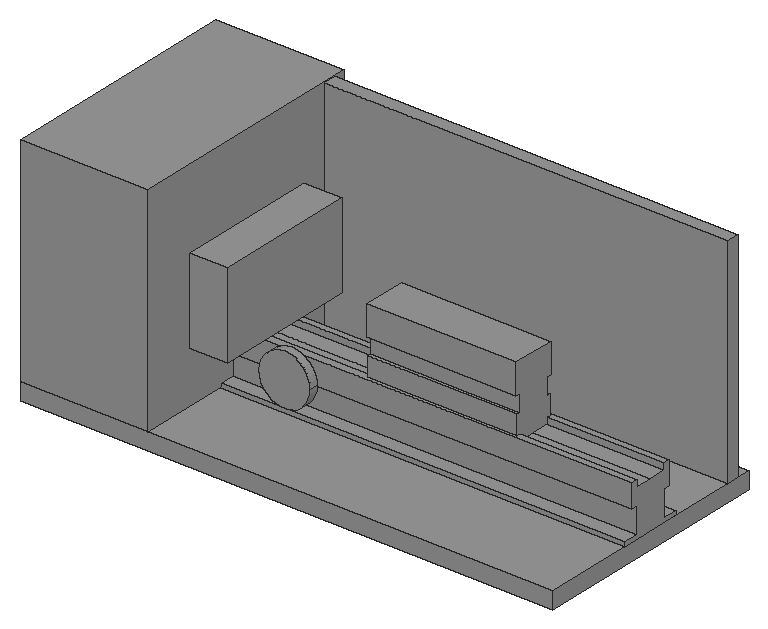
Revit family "АВЛН_Станок токарный", category Мебель, Revit 2019
Family settings
  Номер OmniClass = 23.40.20.00
  Заголовок OmniClass = General Furniture and Specialties
  На основе рабочей плоскости = Нет
  Всегда вертикально = Да
  При загрузке вырезать с полостями = Нет
  Общий = Нет
  Точка расчета площади = Нет
Parameters (values of type "Станок токарный по дереву")
  Описание = "Станок токарный по дереву,\r\n1250х575х550мм; Э3Ф; 380В; 1,7кВт"
  Type Comments = ""
  Keynote = ""
  Manufacturer = ""
  Группа модели = "Оборудование основных помещений школы"
  ADSK_Размер_Ширина = 575 mm
  ADSK_Размер_Длина = 1250 mm
  ADSK_Размер_Высота = 550 mm
  ADSK_Обозначение = "-120М СТД"
  ADSK_Масса = 0
  ADSK_Код изделия = ""
  ADSK_Единица измерения = "шт"  # constant formula
Types (2, lengths in mm): name | ADSK_Размер_Ширина | ADSK_Размер_Длина | ADSK_Размер_Высота
  (no name) | 600 | 500 | 600
  Станок токарный по дереву | 575 | 1250 | 550
Reference planes
  plane 1 "По центру (Вперед/Назад)": y = 0
  plane 2: z = 0
  plane 3 "По центру (Влево/Вправо)": x = 0
  plane 4: z = 550
  plane 5: y = 287.5
  plane 6: x = 625
  plane 7: x = -625
  plane 8: y = -287.5
Forms (mm)
  Extrusion 1, solid, material "Металл, с порошковым покрытием, белый"
    sketch origin (0, -518.993, 592.976) x (-1, 0, 0) y (0, -1, 0)
      loop
        line (625, -806.493) -> (625, -231.493) -> (325, -231.493) -> (325, -806.493) -> (625, -806.493)
    from -552.976 to -42.976
  Extrusion 2, solid, material "Металл, с порошковым покрытием, белый"
    sketch origin (0, -518.993, 592.976) x (-1, 0, 0) y (0, -1, 0)
      loop
        line (325, -776.518) -> (325, -746.476) -> (-625, -746.476) -> (-625, -776.518) -> (325, -776.518)
    from -552.976 to -42.976
  Extrusion 3, solid, material "Металл, с порошковым покрытием, белый"
    sketch origin (0, -518.993, 592.976) x (-1, 0, 0) y (0, -1, 0)
      loop
        line (625, -806.493) -> (625, -231.493) -> (-625, -231.493) -> (-625, -806.493) -> (625, -806.493)
    from -592.976 to -552.976
  Extrusion 4, solid, material "Металл, с порошковым покрытием, белый"
    sketch origin (0, 0, 0) x (0, 1, 0) y (0, 0, 1)
      loop
        line (75, 40) -> (75, 50) -> (40, 50) -> (40, 110) -> (55, 110) -> (55, 165) -> (40, 165) -> (40, 150) -> (0, 150) -> (-40, 150) -> (-40, 165) -> (-55, 165) -> (-55, 110) -> (-40, 110) -> (-40, 50) -> (-75, 50) -> (-75, 40) -> (75, 40)
    from -325 to 625
  Extrusion 5, solid, material "Металл, с порошковым покрытием, белый"
    sketch origin (0, 0, 0) x (0, 1, 0) y (0, 0, 1)
      loop
        line (-40, 150) -> (40, 150) -> (40, 165) -> (47.5, 165) -> (47.5, 210) -> (40, 210) -> (40, 250) -> (50, 250) -> (50, 320) -> (-50, 320) -> (-50, 250) -> (-40, 250) -> (-40, 210) -> (-47.5, 210) -> (-47.5, 165) -> (-40, 165) -> (-40, 150)
    from 0 to 349.972
  Extrusion 6, solid, material "Металл, с порошковым покрытием, белый"
    sketch origin (0, 0, 0) x (0, 1, 0) y (0, 0, 1)
      loop
        line (167.517, 165) -> (167.517, 365) -> (-167.517, 365) -> (-167.517, 165) -> (167.517, 165)
    from -325 to -234.59
  Extrusion 7, solid, material "Металл, с порошковым покрытием, белый"
    sketch origin (0, 0, 0) x (1, 0, 0) y (0, 0, 1)
      loop
        circle (-174.131, 110) r 60
    from 55 to 75
Dimensions and locks
  plane 2 to plane 4 = 550 mm
  equal spacing: plane 8, plane 1 "По центру (Вперед/Назад)", plane 5
  equal spacing: plane 7, plane 3 "По центру (Влево/Вправо)", plane 6
  "ADSK_Размер_Длина": plane 7 to plane 6
  "ADSK_Размер_Ширина": plane 5 to plane 8
  "ADSK_Размер_Высота": plane 2 to plane 4
  locked: plane 7 to Extrusion 1 sketch curve at 300
  plane 5 to Extrusion 2 sketch curve to Extrusion 2 sketch curve = 29.975 mm locked, 30.042 mm locked
  locked: level to Extrusion 3 at 40
  Extrusion 4 sketch curve to Extrusion 4 sketch curve to plane 1 "По центру (Вперед/Назад)" = 15 mm locked, 40 mm locked  (x2)
  Extrusion 4 sketch curve to Extrusion 4 sketch curve to plane 1 "По центру (Вперед/Назад)" = 35 mm locked, 40 mm locked
  Extrusion 4 sketch curve to Extrusion 4 sketch curve to Extrusion 4 sketch curve to Extrusion 4 sketch curve to level = 15 mm locked, 40 mm locked, 60 mm locked, 50 mm locked
  locked: Extrusion 4 sketch curve to Extrusion 4 sketch curve at 35
  Extrusion 4 sketch curve to Extrusion 4 sketch curve to Extrusion 4 sketch curve to Extrusion 4 sketch curve = 15 mm locked, 40 mm locked, 60 mm locked
  Extrusion 5 sketch curve to Extrusion 5 sketch curve to Extrusion 4 to plane 1 "По центру (Вперед/Назад)" to Extrusion 4 to Extrusion 5 sketch curve to Extrusion 5 sketch curve = 2.5 mm locked, 7.5 mm locked, 40 mm locked, 40 mm locked, 7.5 mm locked, 2.5 mm locked
  Extrusion 5 sketch curve to Extrusion 5 sketch curve to Extrusion 5 sketch curve to Extrusion 5 sketch curve to Extrusion 5 sketch curve = 70 mm locked, 40 mm locked, 45 mm locked, 15 mm locked
  locked: Extrusion 5 to plane 3 "По центру (Влево/Вправо)" at 349.972
  equal spacing: Extrusion 6 sketch curve, plane 1 "По центру (Вперед/Назад)", Extrusion 6 sketch curve, locked at 167.517 each
  Extrusion 6 sketch curve to Extrusion 6 sketch curve to level = 200 mm locked, 165 mm locked
  locked: Extrusion 7 to Extrusion 7 at 20
  radius of Extrusion 7 sketch curve = 60 mm
  aligned and locked: level to plane 2
  aligned and locked: Extrusion 1 sketch curve to plane 5
  aligned and locked: plane 7 to Extrusion 1 sketch curve
  aligned and locked: plane 8 to Extrusion 1 sketch curve
  aligned and locked: Extrusion 2 sketch curve to plane 6
  aligned and locked: Extrusion 1 to Extrusion 2 sketch curve
  aligned and locked: Extrusion 2 to plane 4
  aligned and locked: Extrusion 1 to plane 4
  aligned and locked: Extrusion 3 sketch curve to plane 5
  aligned and locked: plane 7 to Extrusion 3 sketch curve
  aligned and locked: plane 8 to Extrusion 3 sketch curve
  aligned and locked: Extrusion 3 sketch curve to plane 6
  aligned and locked: Extrusion 3 to level
  aligned and locked: Extrusion 2 to Extrusion 1
  aligned and locked: Extrusion 4 sketch curve to Extrusion 1
  aligned and locked: Extrusion 2 to Extrusion 4
  aligned and locked: Extrusion 4 to Extrusion 1
  aligned and locked: Extrusion 5 sketch curve to Extrusion 4
  aligned and locked: Extrusion 4 to Extrusion 5 sketch curve  (x2)
  aligned and locked: Extrusion 6 to Extrusion 1
  aligned and locked: Extrusion 7 to Extrusion 4
Automatic sketch dimensions
  Extrusion 4 sketch curve to plane 1 "По центру (Вперед/Назад)" = 0 mm
  Extrusion 4 sketch curve to Extrusion 4 sketch curve = 20 mm
  Extrusion 5 sketch curve to Extrusion 5 sketch curve = 7.5 mm  (x2)
  Extrusion 5 sketch curve to Extrusion 5 sketch curve = 15 mm
  Extrusion 5 sketch curve to Extrusion 5 sketch curve = 45 mm
  Extrusion 5 sketch curve to Extrusion 5 sketch curve = 40 mm
  plane 8 to Extrusion 6 sketch curve = 119.983 mm
  level to Extrusion 7 sketch curve = 110 mm
  Extrusion 7 sketch curve to plane 3 "По центру (Влево/Вправо)" = 174.131 mm
